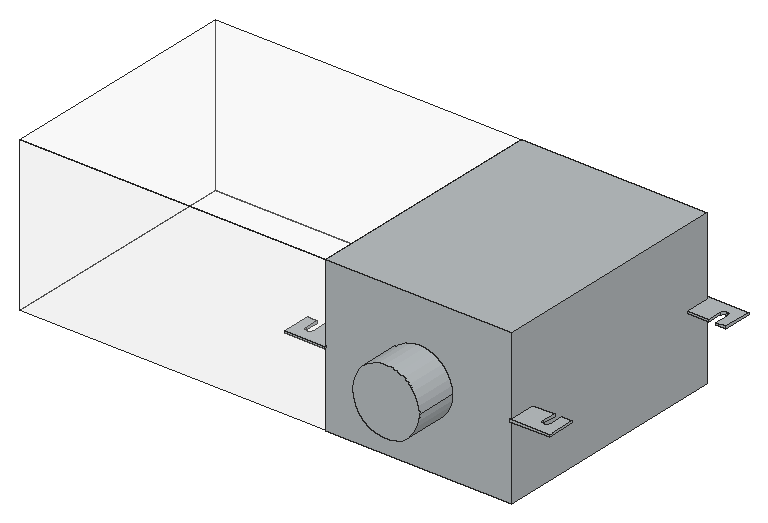
Revit family "bfs-15_240sug2_tug2_tua2_60Hz", category 機械設備, Revit 2019
Family settings
  丸型コネクタ寸法 = 直径を使用
  パーツ タイプ = 割り込み
  OmniClass 番号 = 23.75.35.17.27
  OmniClass タイトル = Centrifugal Fans
  作業面ベース = いいえ
  常に垂直 = はい
  ロード時にボイドで切り取り = いいえ
  共有 = いいえ
  部屋計算ポイント = はい
Parameters (values of type "BFS-15SUG2")
  騒音レベル(dB(A))_吸込 = 22
  騒音レベル(dB(A))_吐出 = 33
  騒音レベル(dB(A))_側面 = 19
  騒音レベル(dB(A)) = 33
  風量 [instance] = 設計風量  # 0.0 m³/h
  電源種別 [instance] = "一般"
  電圧 = 100 V
  電動機出力 = 8 W
  電動機_種別 [instance] = ""
  運転質量 = 0.00 kg
  連動 [instance] = ""
  質量 = if(製品質量 > 運転質量, 製品質量, 運転質量) * 1.2  # 8.40 kg
  負荷分類 = 3_ファン類
  説明 = "ストレートシロッコファン天吊埋込タイプ（消音形）"
  設計風量 [instance] = 0.0 m³/h
  設置方法 = "天吊"
  記号 [instance] = ""
  製造元 = "三菱電機株式会社"
  製品質量 = 7.00 kg
  製品出荷対象 = "国内"
  製品リリース年月 = "2022年6月1日"
  製品グループ = ""
  系統 [instance] = ""
  符号 [instance] = if(☑給気／□排気, "FS", "FE")  # "FE"
  積算_科目 = "2 換気設備"
  積算_拾い区分 [instance] = ""
  相 = 1
  盤記号 [instance] = ""
  盤工事区分 = "電気工事"
  発停方法 [instance] = "別売スイッチ"
  番手 = "#1"
  特殊仕様 [instance] = ""
  火災停止 = ""
  消費電力 = 23.5 W
  法定耐用年数 = "15"
  機外静圧 [instance] = 0.0 Pa
  極数 = 2
  極 = 4
  材質 [instance] = ""
  本体マテリアル = 溶融亜鉛めっき鋼板
  操作・制御方式 = ""
  操作・制御スイッチ = ""
  排気量 [instance] = if(☑給気／□排気, 0.0 m³/h, 設計風量)  # 0.0 m³/h
  形式 = ""
  形名 = BFS-SUG : BFS-15SUG
  幹線記号 [instance] = ""
  対象室 [instance] = ""
  実風量 = 0.0 m³/h
  始動方式 [instance] = "直入"
  外気量 [instance] = if(☑給気／□排気, 設計風量, 0.0 m³/h)  # 0.0 m³/h
  呼称 = "消音ボックス付送風機"
  周波数 = 60 Hz
  天吊金具ピッチ幅 = 349 mm
  天吊金具ピッチ奥行 = 325 mm
  参照している仕様書等のバージョン = "公共建築工事標準仕様書（機械設備工事編）平成31年度版"
  分類コード = "50052502100020"
  分類グループ = ""
  価格 = 59900
  企業コード = "108420"
  付属品_防振装置 = ""
  付属品 [instance] = ""
  仕様書バージョン = "Version1.0"
  モデル = "BFS-15SUG2"
  ファンの種類 = "多翼形"
  ダクト径 = 100 mm
  サービススペース = yes
  コメント [instance] = ""
  Keynote = ""
  ☑給気／□排気 [instance] = no
  Width = 273 mm
  Version = ""
  Uniclass2015Version = "Systems v1.9"
  Uniclass2015Title = "Centrifugal fans"
  Uniclass2015Code = "Pr_65_67_29_12"
  URL = "https://www.mitsubishielectric.co.jp/ldg/wink/ssl/displayProduct.do?pid=319025"
  SpecificationReference = ""
  SpecificationDescription = ""
  Revision = ""
  ProductInformation = ""
  OmniClassCode = "23-33 31 19 13 15"
  MIN風量 = 96.0 m³/h
  MIN静圧 = 25.0 Pa
  MID風量 = 0.0 m³/h
  MID静圧 = 0.0 Pa
  MAX風量 = 150.0 m³/h
  MAX静圧 = 62.0 Pa
  M = 60 mm
  IfcTypeProduct = ""
  IfcProduct = ""
  IfcExportType = "CENTRIFUGALFORWARDCURVED"
  IfcExportAs = "IfcFanType"
  Height = 225 mm
  Depth = 360 mm
  Clearance Top = 0 mm  # constant formula
  Clearance Right = 0 mm  # constant formula
  Clearance Left = 450 mm  # constant formula
  Clearance Front = 0 mm  # constant formula
  Clearance Bottom = 0 mm  # constant formula
  Clearance Back = 0 mm  # constant formula
  Author = "三菱電機株式会社"
Types (18, lengths in mm): name | 騒音レベル(dB(A))_吸込 | 騒音レベル(dB(A))_吐出 | 騒音レベル(dB(A))_側面 | 騒音レベル(dB(A)) | 電圧 | 電動機出力 | 質量 | 製品質量 | 相 | 番手 | 消費電力 | 極数 | 形名 | 天吊金具ピッチ幅 | 天吊金具ピッチ奥行 | 価格 | モデル | ダクト径 | Width | URL | MIN風量 | MIN静圧 | MAX風量 | MAX静圧 | M | Height | Depth
  BFS-15SUG2 | 22 | 33 | 19 | 33 | 100 V | 8 W | 8.40 kg | 7.00 kg | 1 | "#1" | 23.5 W | 2 | BFS-SUG : BFS-15SUG | 349 | 325 | 59900 | "BFS-15SUG2" | 100 | 273 | "https://www.mitsubishielectric.co.jp/ldg/wink/ssl/displayProduct.do?pid=319025" | 96.0 m³/h | 25.0 Pa | 150.0 m³/h | 62.0 Pa | 60 | 225 | 360
  BFS-30SUG2 | 26.5 | 40 | 19.5 | 40 | 100 V | 16 W | 9.00 kg | 7.50 kg | 1 | "#1" | 44.5 W | 2 | BFS-SUG : BFS-30SUG | 349 | 393 | 83300 | "BFS-30SUG2" | 150 | 273 | "https://www.mitsubishielectric.co.jp/ldg/wink/ssl/displayProduct.do?pid=319098" | 182.0 m³/h | 15.0 Pa | 300.0 m³/h | 39.0 Pa | 70 | 225 | 428
  BFS-40SUG2 | 27 | 44 | 20.5 | 44 | 100 V | 25 W | 11.40 kg | 9.50 kg | 1 | "#1 1/4" | 65 W | 2 | BFS-SUG : BFS-40SUG | 381 | 419 | 99500 | "BFS-40SUG2" | 150 | 305 | "https://www.mitsubishielectric.co.jp/ldg/wink/ssl/displayProduct.do?pid=319105" | 273.0 m³/h | 37.0 Pa | 400.0 m³/h | 78.0 Pa | 70 | 255 | 454
  BFS-50SUG2 | 29.5 | 49 | 23 | 49 | 100 V | 45 W | 15.60 kg | 13.00 kg | 1 | "#1 1/4" | 87.5 W | 2 | BFS-SUG : BFS-50SUG | 451 | 538 | 140000 | "BFS-50SUG2" | 200 | 375 | "https://www.mitsubishielectric.co.jp/ldg/wink/ssl/displayProduct.do?pid=319112" | 360.0 m³/h | 81.0 Pa | 500.0 m³/h | 157.0 Pa | 85 | 255 | 573
  BFS-65SUG2 | 29.5 | 51 | 24.5 | 51 | 100 V | 65 W | 19.20 kg | 16.00 kg | 1 | "#1 1/4" | 125 W | 2 | BFS-SUG : BFS-65SUG | 499 | 603 | 148000 | "BFS-65SUG2" | 200 | 423 | "https://www.mitsubishielectric.co.jp/ldg/wink/ssl/displayProduct.do?pid=318893" | 501.0 m³/h | 94.0 Pa | 650.0 m³/h | 157.0 Pa | 85 | 305 | 638
  BFS-80SUG2 | 32 | 53 | 27 | 53 | 100 V | 80 W | 19.80 kg | 16.50 kg | 1 | "#1 1/4" | 159 W | 2 | BFS-SUG : BFS-80SUG | 499 | 603 | 156000 | "BFS-80SUG2" | 200 | 423 | "https://www.mitsubishielectric.co.jp/ldg/wink/ssl/displayProduct.do?pid=318462" | 596.0 m³/h | 84.0 Pa | 800.0 m³/h | 157.0 Pa | 85 | 305 | 638
  BFS-90SUG2 | 34.5 | 55 | 29 | 55 | 100 V | 110 W | 22.20 kg | 18.50 kg | 1 | "#1 1/2" | 202 W | 2 | BFS-SUG : BFS-90SUG | 519 | 603 | 164000 | "BFS-90SUG2" | 200 | 443 | "https://www.mitsubishielectric.co.jp/ldg/wink/ssl/displayProduct.do?pid=318810" | 676.0 m³/h | 116.0 Pa | 900.0 m³/h | 206.0 Pa | 85 | 305 | 638
  BFS-100SUG2 | 37 | 58 | 31.5 | 58 | 100 V | 160 W | 22.80 kg | 19.00 kg | 1 | "#1 1/2" | 247 W | 2 | BFS-SUG : BFS-100SUG | 519 | 603 | 176000 | "BFS-100SUG2" | 200 | 443 | "https://www.mitsubishielectric.co.jp/ldg/wink/ssl/displayProduct.do?pid=318848" | 861.0 m³/h | 189.0 Pa | 1000.0 m³/h | 255.0 Pa | 85 | 305 | 638
  BFS-120SUG2 | 41 | 58 | 32.5 | 58 | 100 V | 200 W | 26.40 kg | 22.00 kg | 1 | "#1 1/2" | 348 W | 2 | BFS-SUG : BFS-120SUG | 531 | 633 | 194000 | "BFS-120SUG2" | 250 | 455 | "https://www.mitsubishielectric.co.jp/ldg/wink/ssl/displayProduct.do?pid=318952" | 989.0 m³/h | 179.0 Pa | 1200.0 m³/h | 265.0 Pa | 85 | 350 | 668
  BFS-150SUG2 | 42.5 | 63 | 34 | 63 | 100 V | 340 W | 28.80 kg | 24.00 kg | 1 | "#1 1/2" | 484 W | 2 | BFS-SUG : BFS-150SUG | 531 | 733 | 201000 | "BFS-150SUG2" | 250 | 455 | "https://www.mitsubishielectric.co.jp/ldg/wink/ssl/displayProduct.do?pid=318962" | 1164.0 m³/h | 179.0 Pa | 1500.0 m³/h | 294.0 Pa | 85 | 350 | 768
  BFS-80TUG2 | 32.5 | 53 | 26.5 | 53 | 200 V | 80 W | 21.60 kg | 18.00 kg | 3 | "#1 1/4" | 152 W | 3 | BFS-TUG : BFS-80TUG | 499 | 603 | 156000 | "BFS-80TUG2" | 200 | 423 | "https://www.mitsubishielectric.co.jp/ldg/wink/ssl/displayProduct.do?pid=318467" | 542.0 m³/h | 72.0 Pa | 800.0 m³/h | 157.0 Pa | 85 | 305 | 638
  BFS-90TUG2 | 34.5 | 55 | 29 | 55 | 200 V | 100 W | 21.60 kg | 18.00 kg | 3 | "#1 1/2" | 187 W | 3 | BFS-TUG : BFS-90TUG | 519 | 603 | 164000 | "BFS-90TUG2" | 200 | 443 | "https://www.mitsubishielectric.co.jp/ldg/wink/ssl/displayProduct.do?pid=318812" | 612.0 m³/h | 95.0 Pa | 900.0 m³/h | 206.0 Pa | 85 | 305 | 638
  BFS-100TUG2 | 37 | 58 | 31 | 58 | 200 V | 150 W | 22.20 kg | 18.50 kg | 3 | "#1 1/2" | 230 W | 3 | BFS-TUG : BFS-100TUG | 519 | 603 | 176000 | "BFS-100TUG2" | 200 | 443 | "https://www.mitsubishielectric.co.jp/ldg/wink/ssl/displayProduct.do?pid=318948" | 694.0 m³/h | 124.0 Pa | 1000.0 m³/h | 255.0 Pa | 85 | 305 | 638
  BFS-120TUG2 | 41 | 58 | 32.5 | 58 | 200 V | 180 W | 26.40 kg | 22.00 kg | 3 | "#1 1/2" | 319 W | 3 | BFS-TUG : BFS-120TUG | 531 | 633 | 194000 | "BFS-120TUG2" | 250 | 455 | "https://www.mitsubishielectric.co.jp/ldg/wink/ssl/displayProduct.do?pid=318956" | 789.0 m³/h | 119.0 Pa | 1200.0 m³/h | 265.0 Pa | 85 | 350 | 668
  BFS-150TUG2 | 42.5 | 63 | 34 | 63 | 200 V | 280 W | 28.80 kg | 24.00 kg | 3 | "#1 1/2" | 445 W | 3 | BFS-TUG : BFS-150TUG | 531 | 733 | 201000 | "BFS-150TUG2" | 250 | 455 | "https://www.mitsubishielectric.co.jp/ldg/wink/ssl/displayProduct.do?pid=318968" | 1046.0 m³/h | 142.0 Pa | 1500.0 m³/h | 294.0 Pa | 85 | 350 | 768
  BFS-180TUG2 | 43.5 | 64 | 34 | 64 | 200 V | 350 W | 31.20 kg | 26.00 kg | 3 | "#1 1/2" | 570 W | 3 | BFS-TUG : BFS-180TUG | 581 | 733 | 236000 | "BFS-180TUG2" | 250 | 505 | "https://www.mitsubishielectric.co.jp/ldg/wink/ssl/displayProduct.do?pid=319029" | 0.0 m³/h | 0.0 Pa | 1800.0 m³/h | 314.0 Pa | 85 | 350 | 768
  BFS-210TUG2 | 45 | 67 | 34.5 | 67 | 200 V | 490 W | 34.80 kg | 29.00 kg | 3 | "#1 1/2" | 696 W | 3 | BFS-TUG : BFS-210TUG | 627 | 843 | 310000 | "BFS-210TUG2" | 300 | 551 | "https://www.mitsubishielectric.co.jp/ldg/wink/ssl/displayProduct.do?pid=319085" | 0.0 m³/h | 0.0 Pa | 2100.0 m³/h | 322.0 Pa | 100 | 350 | 878
  BFS-240TUA2 | 46.5 | 69 | 42 | 69 | 200 V | 1100 W | 44.40 kg | 37.00 kg | 3 | "#1 1/2" | 810 W | 3 | BFS-TUG : BFS-240TUA | 602 | 864 | 304000 | "BFS-240TUA2" | 300 | 493 | "https://www.mitsubishielectric.co.jp/ldg/wink/ssl/displayProduct.do?pid=319088" | 0.0 m³/h | 0.0 Pa | 2400.0 m³/h | 380.0 Pa | 99 | 373 | 917
Reference planes
  plane 1 "中心(正面/背面)": y = 0
  plane 2: z = 0
  plane 3 "中心(左/右)": x = 0
  plane 4 "左": x = -136.5
  plane 5 "右": x = 136.5
  plane 6 "背面": y = 180
  plane 7 "正面": y = -180
  plane 8: z = 112.5
  plane 9: y = 162.5
  plane 10: y = -162.5
  plane 11: x = 174.5
  plane 12: x = -174.5
  plane 13: z = -112.5
  plane 14: y = 180
  plane 15: y = -180
  plane 16: x = 136.5
  plane 17: x = -586.5
  plane 18: z = 112.5
  plane 19: z = -112.5
Lines and regions (mm)
  Masking region 1, detail levels coarse+medium
    outline origin (-280.625, -565.753, 0) x (1, 0, 0) y (0, 1, 0)
      loop
        line (144.125, 385.753) -> (417.125, 385.753) -> (417.125, 745.753) -> (144.125, 745.753) -> (144.125, 385.753)
  symbolic lines, detail levels coarse+medium
    curve 1: line (-136.5, 180, 0) -> (136.5, 0, 0)
    curve 2: line (136.5, 0, 0) -> (-136.5, -180, 0)
Dimensions and locks
  "Width": plane 4 "左" to plane 5 "右"
  equal spacing: plane 7 "正面", plane 1 "中心(正面/背面)", plane 6 "背面"
  "Depth": plane 7 "正面" to plane 6 "背面"
  equal spacing: plane 8, level, plane 13
  "Height": plane 8 to plane 13
  equal spacing: plane 10, plane 1 "中心(正面/背面)", plane 9
  "天吊金具ピッチ奥行": plane 10 to plane 9
  "天吊金具ピッチ幅": plane 12 to plane 11
  "Clearance Front": plane 15 to plane 7 "正面"
  "Clearance Back": plane 6 "背面" to plane 14
  "Clearance Left": plane 17 to plane 4 "左"
  "Clearance Right": plane 5 "右" to plane 16
  "Clearance Top": plane 18 to plane 8
  "Clearance Bottom": plane 13 to plane 19
  equal spacing: plane 4 "左", plane 3 "中心(左/右)", plane 5 "右"
  equal spacing: plane 12, plane 3 "中心(左/右)", plane 11
  aligned and locked: level to plane 2
  aligned and locked: nested 1 to plane 9
  aligned and locked: plane 10 to nested 1
  aligned and locked: plane 12 to nested 1
  aligned and locked: plane 11 to nested 1
  aligned and locked: plane 8 to nested 2
  aligned and locked: plane 17 to nested 3
  aligned and locked: plane 15 to nested 3
  aligned and locked: plane 18 to nested 3
  aligned and locked: plane 19 to nested 3
  aligned and locked: plane 1 "中心(正面/背面)" to nested 2
  aligned and locked: nested 2 to plane 3 "中心(左/右)"
  aligned and locked: plane 14 to nested 3
  aligned and locked: plane 4 "左" to nested 3
  aligned and locked: plane 5 "右" to Masking region 1
  aligned and locked: Masking region 1 to plane 4 "左"
  aligned and locked: plane 7 "正面" to Masking region 1
  aligned and locked: Masking region 1 to plane 6 "背面"
Automatic sketch dimensions
  Masking region 1 sketch curve to plane 9 = 17.5 mm
  plane 12 to Masking region 1 sketch curve = 38 mm
  Masking region 1 sketch curve to plane 5 "右" = 0 mm
  plane 7 "正面" to Masking region 1 sketch curve = 0 mm
  curve 2 to plane 4 "左" = 0 mm
  curve 1 to plane 4 "左" = 0 mm
  plane 1 "中心(正面/背面)" to curve 1 = 0 mm
  curve 1 to plane 5 "右" = 0 mm
  plane 7 "正面" to curve 2 = 0 mm
  plane 6 "背面" to curve 1 = 0 mm
Nested families
  nested 1: "固定点" at (-174.5, -162.5, 0), type "固定点"
    with W 349 mm, D 325 mm
  nested 2: "BFS-SUG" at (0, 0, -112.5) x (0, -1, 0) z (0, 0, 1), type <- "形名", type "BFS-15SUG"
  nested 3: "サービススペース" at (-361.5, 0, 0), visible <- "サービススペース", type "サービススペース"
    with Width 450 mm, Height 225 mm, Depth 360 mm
Connectors
  hvac at (0, 240, 0), driven by "ダクト径", driven by "機外静圧", driven by "風量"
    settings: on nested 2, index 2, duct flow 0.0 m³/h, flow factor 0, pres drop 0.0 Pa, loss coef 0, conn angle 0.00°, conn width 304.8 mm, conn height 304.8 mm, conn diameter 100 mm, duct sys type 29, conn prof type 0, flow config 0, flow direction 1, loss method 4, conn ref index -1, conn util no, is conn primary yes, conn desc ""
  hvac at (0, -240, 0), driven by "ダクト径", driven by "機外静圧", driven by "風量"
    settings: on nested 2, index 4, duct flow 0.0 m³/h, flow factor 0, pres drop 0.0 Pa, loss coef 0, conn angle 0.00°, conn width 304.8 mm, conn height 304.8 mm, conn diameter 100 mm, duct sys type 29, conn prof type 0, flow config 0, flow direction 2, loss method 4, conn ref index -1, conn util no, is conn primary no, conn desc ""
  electrical at (-157.1, -60.35, -20.1), driven by "極数", driven by "負荷分類", driven by "電圧", driven by "消費電力"
    settings: on nested 2, index 5, voltage 100 V, apparent load 23.5 VA, apparent load phase1 0 VA, apparent load phase2 0 VA, apparent load phase3 0 VA, power factor 1, load classification "3_ファン類", number of poles 2, system type 30, power factor state 1, is connector primary yes, connector utility no, sub classification motor no, connector description ""
Definition of nested family "BFS-SUG"
  Parameters (values of type "BFS-15SUG")
    端子カバー高 = 99 mm  # constant formula
    端子カバー手前位置 = 53.9 mm
    端子カバー幅 = 20.6 mm
    端子カバー奥行 = 131.5 mm  # constant formula
    端子カバー上位置 = 83.1 mm
    マテリアル = none
    φ = 98 mm
    Φ = 110 mm
    kb_z = 25 mm
    b = 234 mm
    a = 60 mm
    W = 360 mm
    H = 225 mm
    c = 42 mm
    D = 273 mm
  Types (10, lengths in mm): name | 端子カバー手前位置 | 端子カバー幅 | 端子カバー上位置 | φ | Φ | kb_z | b | a | W | H | c | D
    BFS-15SUG | 53.9 | 20.6 | 83.1 | 98 | 110 | 25 | 234 | 60 | 360 | 225 | 42 | 273
    BFS-30SUG | 53.9 | 20.6 | 83.1 | 142 | 160 | 25 | 234 | 70 | 428 | 225 | 42 | 273
    BFS-40SUG | 62.3 | 20.6 | 106.7 | 142 | 160 | 25 | 264 | 70 | 454 | 255 | 51 | 305
    BFS-50SUG | 62.3 | 20.6 | 106.7 | 192 | 208 | 25 | 264 | 85 | 573 | 255 | 51 | 375
    BFS-65SUG | 63.9 | 20.6 | 139.9 | 192 | 208 | 50 | 391 | 85 | 638 | 305 | 52 | 423
    BFS-80SUG | 63.9 | 20.6 | 139.9 | 192 | 208 | 50 | 391 | 85 | 638 | 305 | 52 | 423
    BFS-90SUG | 63.9 | 26 | 139.9 | 192 | 208 | 50 | 391 | 85 | 638 | 305 | 52 | 443
    BFS-100SUG | 63.9 | 26 | 139.9 | 192 | 208 | 50 | 391 | 85 | 638 | 305 | 52 | 443
    BFS-120SUG | 81.3 | 20.6 | 55 | 242 | 258 | 150 | 391 | 85 | 668 | 350 | 70 | 455
    BFS-150SUG | 81.3 | 20.6 | 54.9 | 242 | 258 | 150 | 391 | 85 | 768 | 350 | 70 | 455
  Reference planes
    plane 1 "中心(正面/背面)": y = 0
    plane 2: z = 0
    plane 3 "中心(左/右)": x = 0
    plane 4: y = 136.5
    plane 5: y = 174.5
    plane 6: y = 194.5
    plane 7: y = -136.5
    plane 8: y = -174.5
    plane 9: y = -194.5
    plane 10: x = -180
    plane 11: x = -162.5
    plane 12: x = -183
    plane 13: x = 180
    plane 14: x = 162.5
    plane 15: x = 183
    plane 16: z = 225
    plane 17: z = 600
    plane 18: z = 900
    plane 19: z = 1200
    plane 20: x = -107.9
    plane 21: x = 126.1
    plane 22: x = 240
    plane 23: x = -240
    plane 24: z = 112.5
    plane 25: z = 109.5
    plane 26: z = 71.5
    plane 27: x = -142
    plane 28: z = 94.5
    plane 29: x = 142
    plane 30: y = 139.5
    plane 31: x = -5.4
    plane 32: z = 141.9
    plane 33: z = 42.9
    plane 34: y = -157.1
  Forms (mm)
    Extrusion 1, solid, material <- "マテリアル", detail levels fine
      sketch origin (0, 0, 0) x (1, 0, 0) y (0, 1, 0)
        loop
          line (-180, 136.5) -> (-180, -136.5) -> (180, -136.5) -> (180, 136.5) -> (-180, 136.5)
      from 0 to 225
    Extrusion 2, solid, material <- "マテリアル", detail levels fine
      sketch origin (0, 0, 0) x (1, 0, 0) y (0, 1, 0)
        loop
          line (-183, -136.5) -> (-183, -194.5) -> (-142, -194.5) -> (-142, -180) -> (-162.5, -180)
          arc (-162.5, -180) -> (-168, -174.5) -> (-162.5, -169) r 5.5
          line (-162.5, -169) -> (-142, -169) -> (-142, -136.5) -> (-183, -136.5)
      from 109.5 to 112.5
    Extrusion 3, solid, material <- "マテリアル", detail levels fine
      sketch origin (0, 0, 0) x (1, 0, 0) y (0, 1, 0)
        loop
          line (-183, 136.5) -> (-142, 136.5) -> (-142, 169) -> (-162.5, 169)
          arc (-162.5, 169) -> (-168, 174.5) -> (-162.5, 180) r 5.5
          line (-162.5, 180) -> (-142, 180) -> (-142, 194.5) -> (-183, 194.5) -> (-183, 136.5)
      from 109.5 to 112.5
    Extrusion 4, solid, material <- "マテリアル", detail levels fine
      sketch origin (0, 0, 0) x (-1, 0, 0) y (0, -1, 0)
        loop
          line (-183, -136.5) -> (-183, -194.5) -> (-142, -194.5) -> (-142, -180) -> (-162.5, -180)
          arc (-162.5, -180) -> (-168, -174.5) -> (-162.5, -169) r 5.5
          line (-162.5, -169) -> (-142, -169) -> (-142, -136.5) -> (-183, -136.5)
      from 109.5 to 112.5
    Extrusion 5, solid, material <- "マテリアル", detail levels fine
      sketch origin (0, 0, 0) x (-1, 0, 0) y (0, -1, 0)
        loop
          line (-183, 136.5) -> (-142, 136.5) -> (-142, 169) -> (-162.5, 169)
          arc (-162.5, 169) -> (-168, 174.5) -> (-162.5, 180) r 5.5
          line (-162.5, 180) -> (-142, 180) -> (-142, 194.5) -> (-183, 194.5) -> (-183, 136.5)
      from 109.5 to 112.5
    Extrusion 6, solid, material <- "マテリアル", detail levels fine
      sketch origin (0, 0, 0) x (0, 1, 0) y (0, 0, 1)
        loop
          circle (0, 112.5) r 49
      from -180 to -240
    Extrusion 7, solid, material <- "マテリアル", detail levels fine
      sketch origin (0, 0, 0) x (0, 1, 0) y (0, 0, -1)
        loop
          circle (0, -112.5) r 49
      from -180 to -240
    Extrusion 8, solid, material <- "マテリアル", detail levels fine
      sketch origin (0, 0, 0) x (1, 0, 0) y (0, 0, 1)
        loop
          line (126.1, 141.9) -> (-5.4, 141.9) -> (-5.4, 42.9) -> (126.1, 42.9) -> (126.1, 141.9)
      from 136.5 to 157.1
  Dimensions and locks
    plane 12 to plane 15 = 366 mm
    plane 11 to plane 14 = 325 mm
    "W": plane 10 to plane 13
    plane 9 to plane 6 = 389 mm
    plane 8 to plane 5 = 349 mm
    "D": plane 7 to plane 4
    equal spacing: plane 7, plane 1 "中心(正面/背面)", plane 4
    equal spacing: plane 10, plane 3 "中心(左/右)", plane 13
    "H": plane 16 to level
    locked: plane 4 to plane 5 at 38
    locked: plane 5 to plane 6 at 20
    locked: plane 8 to plane 7 at 38
    locked: plane 9 to plane 8 at 20
    locked: plane 10 to plane 11 at 17.5
    locked: plane 14 to plane 13 at 17.5
    locked: plane 13 to plane 15 at 3
    locked: plane 12 to plane 10 at 3
    equal spacing: plane 16, plane 24, level
    locked: plane 24 to plane 25 at 3
    locked: plane 24 to plane 26 at 41
    locked: plane 12 to plane 27 at 41
    locked: plane 25 to plane 28 at 15
    locked: plane 29 to plane 15 at 41
    locked: plane 30 to plane 4 at 3
    "a": plane 23 to plane 10
    "a": plane 13 to plane 22
    "端子カバー手前位置": plane 13 to plane 21
    "b": plane 21 to plane 20
    "端子カバー高": plane 32 to plane 33
    "端子カバー幅": plane 34 to plane 7
    "端子カバー上位置": plane 16 to plane 32
    "端子カバー奥行": plane 21 to plane 31
    "φ": diameter of Extrusion 6 sketch curve
    "φ": diameter of Extrusion 7 sketch curve
    aligned and locked: level to plane 2
    aligned and locked: plane 4 to Extrusion 1 sketch curve
    aligned and locked: plane 10 to Extrusion 1 sketch curve
    aligned and locked: Extrusion 1 sketch curve to plane 7
    aligned and locked: Extrusion 1 sketch curve to plane 13
    aligned and locked: plane 16 to Extrusion 1
    aligned and locked: plane 7 to Extrusion 2 sketch curve
    aligned and locked: plane 12 to Extrusion 2 sketch curve
    aligned and locked: Extrusion 2 sketch curve to plane 9
    aligned and locked: Extrusion 2 sketch curve to plane 27  (x2)
    aligned and locked: plane 11 to Extrusion 2 sketch curve
    aligned and locked: plane 8 to Extrusion 2 sketch curve
    aligned and locked: plane 24 to Extrusion 2
    aligned and locked: Extrusion 2 to plane 25
    aligned and locked: plane 27 to Extrusion 3 sketch curve  (x2)
    aligned and locked: plane 5 to Extrusion 3 sketch curve
    aligned and locked: plane 11 to Extrusion 3 sketch curve
    aligned and locked: Extrusion 3 sketch curve to plane 6
    aligned and locked: Extrusion 3 sketch curve to plane 12
    aligned and locked: plane 4 to Extrusion 3 sketch curve
    aligned and locked: plane 24 to Extrusion 3
    aligned and locked: Extrusion 3 to plane 25
    aligned and locked: Extrusion 4 to plane 6
    aligned and locked: plane 15 to Extrusion 4
    aligned and locked: Extrusion 4 to plane 29
    aligned and locked: plane 29 to Extrusion 4 sketch curve  (x2)
    aligned and locked: plane 6 to Extrusion 4 sketch curve
    aligned and locked: Extrusion 4 sketch curve to plane 15
    aligned and locked: plane 5 to Extrusion 4 sketch curve
    aligned and locked: plane 14 to Extrusion 4 sketch curve
    aligned and locked: Extrusion 4 sketch curve to plane 4
    aligned and locked: Extrusion 4 to plane 25
    aligned and locked: plane 24 to Extrusion 4
    aligned and locked: plane 9 to Extrusion 5 sketch curve
    aligned and locked: plane 15 to Extrusion 5 sketch curve
    aligned and locked: Extrusion 5 sketch curve to plane 7
    aligned and locked: Extrusion 5 sketch curve to plane 29  (x2)
    aligned and locked: plane 14 to Extrusion 5 sketch curve
    aligned and locked: plane 8 to Extrusion 5 sketch curve
    aligned and locked: Extrusion 5 to plane 25
    aligned and locked: plane 24 to Extrusion 5
    aligned and locked: plane 1 "中心(正面/背面)" to Extrusion 6 sketch curve
    aligned and locked: plane 24 to Extrusion 6 sketch curve
    aligned and locked: Extrusion 6 to plane 23
    aligned and locked: plane 24 to Extrusion 7 sketch curve
    aligned and locked: plane 1 "中心(正面/背面)" to Extrusion 7 sketch curve
    aligned and locked: plane 22 to Extrusion 7
    aligned and locked: plane 32 to Extrusion 8 sketch curve
    aligned and locked: plane 21 to Extrusion 8 sketch curve
    aligned and locked: Extrusion 8 sketch curve to plane 33
    aligned and locked: Extrusion 8 sketch curve to plane 31
    aligned and locked: Extrusion 8 to plane 7
    aligned and locked: plane 10 to Extrusion 6
    aligned and locked: Extrusion 7 to plane 13
    aligned and locked: plane 34 to Extrusion 8
  Automatic sketch dimensions
    Extrusion 2 sketch curve to plane 11 = 0 mm
    plane 8 to Extrusion 2 sketch curve = 5.5 mm
    Extrusion 3 sketch curve to plane 11 = 0 mm
    plane 5 to Extrusion 3 sketch curve = 5.5 mm
    Extrusion 4 sketch curve to plane 14 = 0 mm
    Extrusion 4 sketch curve to plane 5 = 5.5 mm
    Extrusion 5 sketch curve to plane 14 = 0 mm
    Extrusion 5 sketch curve to plane 8 = 5.5 mm
Definition of nested family "サービススペース"
  Parameters (values of type "サービススペース")
    Width [instance] = 500 mm
    Height [instance] = 500 mm
    Depth [instance] = 500 mm
  Reference planes
    plane 1 "中心(正面/背面)": y = 0
    plane 2: z = 0
    plane 3 "中心(左/右)": x = 0
    plane 4: y = -250
    plane 5: x = 250
    plane 6: y = 250
    plane 7: x = -250
    plane 8: z = 250
    plane 9: z = -250
  Forms (mm)
    Extrusion 1, solid
      sketch origin (-638.939, 0, 72.39) x (1, 0, 0) y (0, 1, 0)
        loop
          line (388.939, 250) -> (388.939, -250) -> (888.939, -250) -> (888.939, 250) -> (388.939, 250)
      from -322.39 to 177.61
  Lines and regions (mm)
    symbolic lines
      curve 1: line (-250, 0, 250) -> (250, 0, 250)
      curve 2: line (-250, 0, -250) -> (-250, 0, 250)
      curve 3: line (250, 0, -250) -> (-250, 0, -250)
      curve 4: line (250, 0, 250) -> (250, 0, -250)
      curve 5: line (0, -250, 250) -> (0, 250, 250)
      curve 6: line (0, -250, -250) -> (0, -250, 250)
      curve 7: line (0, 250, -250) -> (0, -250, -250)
      curve 8: line (0, 250, 250) -> (0, 250, -250)
      curve 9: line (-250, 250, 0) -> (250, 250, 0)
      curve 10: line (-250, -250, 0) -> (-250, 250, 0)
      curve 11: line (250, -250, 0) -> (-250, -250, 0)
      curve 12: line (250, 250, 0) -> (250, -250, 0)
  Dimensions and locks
    equal spacing: plane 7, plane 3 "中心(左/右)", plane 5
    equal spacing: plane 4, plane 1 "中心(正面/背面)", plane 6
    "Depth": plane 4 to plane 6
    "Width": plane 7 to plane 5
    equal spacing: plane 8, plane 2, plane 9
    "Height": plane 8 to plane 9
    aligned and locked: plane 9 to curve 3
    aligned and locked: plane 7 to curve 2
    aligned and locked: curve 4 to plane 5
    aligned and locked: plane 5 to Extrusion 1
    aligned and locked: Extrusion 1 to plane 7
    aligned and locked: Extrusion 1 to plane 9
    aligned and locked: plane 8 to Extrusion 1
    aligned and locked: plane 9 to curve 7
  Automatic sketch dimensions
    plane 4 to Extrusion 1 sketch curve = 0 mm
    Extrusion 1 sketch curve to plane 7 = 0 mm
    Extrusion 1 sketch curve to plane 5 = 0 mm
    plane 6 to Extrusion 1 sketch curve = 0 mm
    curve 2 to plane 8 = 0 mm
    plane 4 to curve 11 = 0 mm
    curve 11 to plane 7 = 0 mm
    curve 11 to plane 5 = 0 mm
    plane 6 to curve 10 = 0 mm
    curve 7 to plane 4 = 0 mm
    curve 7 to plane 6 = 0 mm
    curve 6 to plane 8 = 0 mm
Definition of nested family "固定点"
  Parameters (values of type "固定点")
    中心円 = 11 mm
    W [instance] = 1000 mm
    D [instance] = 1000 mm
  Reference planes
    plane 1 "中心(正面/背面)": y = 0
    plane 2: z = 0
    plane 3 "中心(左/右)": x = 0
    plane 4: x = 1000
    plane 5: y = 1000
  Lines and regions (mm)
    symbolic lines, detail levels fine
      curve 1: circle (0, 1000, 0) r 5.5 normal (0, 0, 1)
      curve 2: circle (0, 0, 0) r 5.5 normal (0, 0, 1)
      curve 3: circle (1000, 1000, 0) r 5.5 normal (0, 0, 1)
      curve 4: circle (1000, 0, 0) r 5.5 normal (0, 0, 1)
      curve 5: line (-200, 1000, 0) -> (1200, 1000, 0)
      curve 6: line (-200, 0, 0) -> (1200, 0, 0)
      curve 7: line (0, 1200, 0) -> (0, -200, 0)
      curve 8: line (1000, 1200, 0) -> (1000, -200, 0)
  Dimensions and locks
    "W": plane 3 "中心(左/右)" to plane 4
    "D": plane 1 "中心(正面/背面)" to plane 5
    "中心円": diameter of curve 1
    "中心円": diameter of curve 2
    "中心円": diameter of curve 3
    "中心円": diameter of curve 4
    aligned and locked: level to plane 2
    aligned and locked: plane 5 to curve 1
    aligned and locked: plane 3 "中心(左/右)" to curve 1
    aligned and locked: plane 3 "中心(左/右)" to curve 2
    aligned and locked: plane 1 "中心(正面/背面)" to curve 2
    aligned and locked: plane 4 to curve 3
    aligned and locked: plane 5 to curve 3
    aligned and locked: plane 1 "中心(正面/背面)" to curve 4
    aligned and locked: plane 4 to curve 4
    aligned and locked: plane 1 "中心(正面/背面)" to curve 6
    aligned and locked: curve 7 to plane 3 "中心(左/右)"
    aligned and locked: curve 8 to plane 4
  Automatic sketch dimensions
    curve 5 to plane 5 = 0 mm
    curve 6 to plane 3 "中心(左/右)" = 200 mm
    curve 5 to plane 3 "中心(左/右)" = 200 mm
    curve 4 to curve 6 = 200 mm
    curve 3 to curve 5 = 200 mm
    plane 1 "中心(正面/背面)" to curve 8 = 200 mm
    plane 1 "中心(正面/背面)" to curve 7 = 200 mm
    curve 3 to curve 8 = 200 mm
    curve 1 to curve 7 = 200 mm
